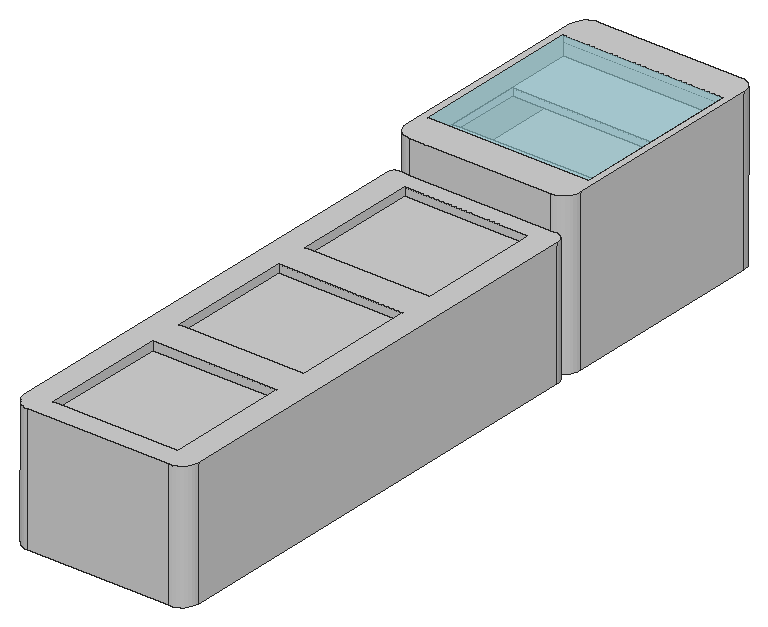
Revit family "Building-IEC309Boards-GEWISS-68QDIN-DISTRIBUTION-BOARD-5MOD_3SOCKET-OUTLETS", category Apparecchi elettrici, host Superficie, Revit 2019
Family settings
  Host = Superficie
  Mantenere orientamento annotazione = Sì
  Quota connettore circolare = Usa diametro
  Tipo di parte = Normale
  Taglio con vuoti quando caricato = No
  Condiviso = No
  Punto di calcolo locali = Sì
Parameters (values of type "GW68001N - Q-DIN 5M 3 FLANGES S.O.16A IP65")
  visibilita posizionamento 2d [instance] = yes
  simbolo 2d [instance] = yes
  oggetto in pianta [instance] = not(visibilita posizionamento 2d)  # no
  distanza_simbolo [instance] = 0.1 mm
  bordo acceso [instance] = yes
  Visibilità sportello [instance] = yes
  Version type = "Empty"
  Version file RFA = "21.5"
  VETRO = Vetro
  URL = "https://www.gewiss.com/ww/en"
  Thermo-pressure with ball = "70 °C"
  Technical sheet = "https://www.gewiss.com/ww/en/search?q=GW68001N"
  Spostamento_effettivo_S [instance] = 4000 mm - Spostamento_S  # 3000 mm
  Spostamento_S = 1000 mm
  Simbolo_quadro [instance] = not(simbolo 2d)  # no
  Shock resistance = "IK08"
  STRUTTURA ALTA = Poche
  STRUTTURA = RAL - 7035
  SEO = "Board"
  Realized by GEWISS S.p.A. = ""
  Default Elevation = 1219.2 mm
  Produttore = "GEWISS S.p.A."
  PRESA = rosso
  POMELLO = bianco
  Operating temperature: = "-25 +40 °C"
  No. of provided blank lids = "1 IEC 16A"
  No. of modules EN 50022 = "5"
  N_moduli = 5 mm
  Modello = "GW68001N"
  L_Moduli = N_moduli * 19  # 95 mm
  Insulation class = "II"
  Installation type = "Surface-mounting"
  Immagine tipo = GW68001N.jpg
  IP degree = "IP65"
  IDT = "db24ad3b-8d9a-41f1-941c-4a59ae982559"
  IDF = "a7ac7b5e-c05e-4f3f-a45f-798d55e6ef8a"
  Houseable socket = "3 IEC 309 16A IP44/67"
  Glow Wire Test = "650°C"
  Electrocod = "2242"
  EAN code = "8011564744721"
  Dispersible power B (W) = "37"
  Dispersible power A (W) = "10"
  Descrizione = "Q-DIN 5M 3 FLANGES S.O.16A IP65"
  Colour = "Grey RAL 7035"
  Catalogue Range = "68 QDIN"
  Catalogue = "BUILDING"
  COBie.Tagnumber = ""
  COBie.CreatedOn = ""
  COBie.CreatebBy = ""
  COBie.ComponentRegisterItemID = ""
  COBie.Component.TagNumber = ""
  COBie.Component.Space = ""
  COBie.Component.SerialNumber = ""
  COBie.Component.InstallationDate = ""
  COBie.Component.Description = ""
  COBie.Component.BarCode = ""
  Accordance with Standards = "EN 60208 - EN 60670-1 - IEC 60670-24"
Reference planes
  plane 1 "Centro (Fronte/Retro)": y = 0
  plane 2: z = 0
  plane 3 "Centro (Sinistra/Destra)": x = 0
  plane 4: x = -3000
  plane 5: x = 0
Forms (mm)
  Extrusion 1, solid, material "RAL - 7035" <- "STRUTTURA", detail levels coarse
    sketch origin (0, 0, 0) x (0, 1, 0) y (0, 0, 1)
      loop
        line (0, 96) -> (0, 0) -> (430.5, 0) -> (430.5, 96) -> (0, 96)
    from -52.5 to 52.5
Lines and regions (mm)
  Masking region 1, visible <- "visibilita posizionamento 2d"
    outline origin (0, 0, 0) x (1, 0, 0) y (0, 0, 1)
      loop
        line (-52.5, 0) -> (52.5, 0) -> (52.5, 96) -> (-52.5, 96) -> (-52.5, 0)
Dimensions and locks
  plane 4 to plane 3 "Centro (Sinistra/Destra)" = 3000 mm
  "Spostamento_effettivo_S": plane 4 to plane 5
  aligned and locked: plane 2 to host face
  aligned and locked: level to host face
  aligned and locked: nested 1 to plane 5
  aligned and locked: nested 3 to plane 5
  aligned and locked: Extrusion 1 sketch curve to nested 2
  aligned and locked: nested 2 to plane 5
  aligned and locked: plane 1 "Centro (Fronte/Retro)" to nested 2
  aligned and locked: Extrusion 1 to nested 2
Automatic sketch dimensions
  host sketch curve to host sketch curve = 2438.4 mm  (x2)
  Extrusion 1 sketch curve to level = 0 mm
  Extrusion 1 sketch curve to plane 1 "Centro (Fronte/Retro)" = 0 mm
  Extrusion 1 sketch curve to plane 1 "Centro (Fronte/Retro)" = 430.5 mm
  Masking region 1 sketch curve to level = 0 mm
  Masking region 1 sketch curve to plane 3 "Centro (Sinistra/Destra)" = 52.5 mm
  plane 3 "Centro (Sinistra/Destra)" to Masking region 1 sketch curve = 52.5 mm
  Masking region 1 sketch curve to Masking region 1 sketch curve = 96 mm
Nested families
  nested 1: "CENTRALINO" at (0, 737.795, 0), BORDO ACCESO <- "bordo acceso", SIMBOLO ACCESO <- "simbolo 2d", Distanza dal muro <- "distanza_simbolo", visible <- "simbolo 2d", type "CENTRALINO"
    with SIMBOLO ACCESO yes, Distanza dal muro 0.1 mm, BORDO ACCESO yes
  nested 2: "base_68QDIN5 QUADRO DISTRIBUZ X 3 PRESE IND" at (0, 287.5, 0), type "base_68QDIN5 QUADRO DISTRIBUZ X 3 PRESE IND", detail levels medium+fine
  nested 3: "simb_CENTRALINO_BASE_cad pro" at (0, 737.795, 0), Distanza dal muro <- "distanza_simbolo", visible <- "Simbolo_quadro", SIMBOLO ACCESO <- "Simbolo_quadro", type "simb_CENTRALINO_BASE_cad pro"
    with SIMBOLO ACCESO no, Distanza dal muro 0.1 mm, BORDO ACCESO yes
Definition of nested family "base_68QDIN5 QUADRO DISTRIBUZ X 3 PRESE IND"
  Parameters (values of type "base_68QDIN5 QUADRO DISTRIBUZ X 3 PRESE IND")
    raggio prese = 25 mm
    n_moduli = 5 mm  # constant formula
    h_moduli = 45 mm  # constant formula
    Vetro = none
    Struttura = none
    Spessore = 96 mm
    Default Elevation = 14 mm
    Presa = none
    Lunghezza = 105 mm
    Larghezza = 105 mm
    L_moduli = n_moduli * 19  # 95 mm
    IFC.TypeObject = ""
    IFC.ExportType = ""
    IFC.ExportAs = ""
    H_da terra = 589.057 mm
    COBie.CreatedOn = ""
    COBie.CreatebBy = ""
    COBie.ComponentRegisterItemID = ""
    COBie.Component.TagNumber = ""
    COBie.Component.Space = ""
    COBie.Component.SerialNumber = ""
    COBie.Component.InstallationDate = ""
    COBie.Component.Description = ""
    COBie.Component.BarCode = ""
    Altezza scatole = 350 mm
    Altezza quadro = 150 mm
    Altezza = 258 mm
  Reference planes
    plane 1 "Centro (Fronte/Retro)": y = 0
    plane 2: z = 0
    plane 3 "Centro (Sinistra/Destra)": x = 0
    plane 4: z = 62.089
    plane 5: z = 103.126
    plane 6: z = 76.196
    plane 7: x = -52.5
    plane 8: x = 52.5
    plane 9: x = -48.5
    plane 10: x = 48.5
    plane 11: y = 123.21
    plane 12: y = 21.246
    plane 13: y = 0
    plane 14: y = -105
    plane 15: y = -180
    plane 16: y = -85
    plane 17: y = -10
    plane 18: y = -287.5
    plane 19: y = 143
    plane 20: z = 71.196
    plane 21: y = 84
    plane 22: y = 39
    plane 23: x = -47.5
    plane 24: x = 47.5
    plane 25: z = 92.059
    plane 26: z = 96
    plane 27 "posizionamento moduli": z = 84.734
    plane 28: z = 80.558
    plane 29: y = 61.5
    plane 30: y = -200
    plane 31: y = -275
    plane 32: y = -237.5
    plane 33: y = -47.5
    plane 34: y = -142.5
    plane 35: z = 67.987
  Forms (mm)
    Extrusion 1, solid, material <- "Struttura"
      sketch origin (0, -857.311, 0) x (1, 0, 0) y (0, 1, 0)
        loop
          arc (-42.5, 1000.311) -> (-49.571, 997.382) -> (-52.5, 990.311) r 10
          line (-52.5, 990.311) -> (-52.5, 867.311)
          arc (-52.5, 867.311) -> (-49.571, 860.24) -> (-42.5, 857.311) r 10
          line (-42.5, 857.311) -> (42.5, 857.311)
          arc (42.5, 857.311) -> (49.571, 860.24) -> (52.5, 867.311) r 10
          line (52.5, 867.311) -> (52.5, 990.311)
          arc (52.5, 990.311) -> (49.571, 997.382) -> (42.5, 1000.311) r 10
          line (42.5, 1000.311) -> (-42.5, 1000.311)
      from 0 to 96
    Extrusion 2, solid, material <- "Struttura"
      sketch origin (0, -857.311, 0) x (1, 0, 0) y (0, 1, 0)
        loop
          line (44.95, 857.311) -> (-48.88, 857.311)
          arc (-48.88, 857.311) -> (-51.44, 856.251) -> (-52.5, 853.691) r 3.62
          line (-52.5, 853.691) -> (-52.5, 579.811)
          arc (-52.5, 579.811) -> (-49.571, 572.74) -> (-42.5, 569.811) r 10
          line (-42.5, 569.811) -> (42.5, 569.811)
          arc (42.5, 569.811) -> (49.571, 572.74) -> (52.5, 579.811) r 10
          line (52.5, 579.811) -> (52.5, 849.76)
          arc (52.5, 849.76) -> (50.289, 855.099) -> (44.95, 857.311) r 7.55
      from 0 to 76.196
    Extrusion 3, void
      sketch origin (0, -857.311, 0) x (1, 0, 0) y (0, 1, 0)
        loop
          line (-48.5, 980.52) -> (-48.5, 878.557) -> (48.5, 878.557) -> (48.5, 980.52) -> (-48.5, 980.52)
      from 62.089 to 96
    Extrusion 4, solid, material <- "Vetro", detail levels fine
      sketch origin (0, -857.311, 0) x (1, 0, 0) y (0, 1, 0)
        loop
          line (-48.5, 980.52) -> (-48.5, 878.557) -> (48.5, 878.557) -> (48.5, 980.52) -> (-48.5, 980.52)
      from 92.059 to 96
    Extrusion 5, void
      sketch origin (0, -857.311, 0) x (1, 0, 0) y (0, 1, 0)
        loop
          line (-37.506, 847.311) -> (-37.506, 772.311) -> (37.506, 772.311) -> (37.506, 847.311) -> (-37.506, 847.311)
      from 71.196 to 76.196
    Extrusion 6, void
      sketch origin (0, -992.311, 0) x (1, 0, 0) y (0, 1, 0)
        loop
          line (-37.506, 887.311) -> (-37.506, 812.311) -> (37.506, 812.311) -> (37.506, 887.311) -> (-37.506, 887.311)
      from 71.196 to 76.196
    Extrusion 7, void
      sketch origin (0, 0, 0) x (1, 0, 0) y (0, 1, 0)
        loop
          line (-47.5, 39) -> (47.5, 39) -> (47.5, 84) -> (-47.5, 84) -> (-47.5, 39)
      from 80.558 to 84.734
    Extrusion 8, solid
      sketch origin (0, 0, 0) x (1, 0, 0) y (0, 1, 0)
        loop
          line (-48.5, 123.21) -> (-48.5, 21.246) -> (48.5, 21.246) -> (48.5, 123.21) -> (-48.5, 123.21)
      from 80.558 to 84.734
    Extrusion 9, void
      sketch origin (0, -1087.311, 0) x (1, 0, 0) y (0, 1, 0)
        loop
          line (-37.506, 887.311) -> (-37.506, 812.311) -> (37.506, 812.311) -> (37.506, 887.311) -> (-37.506, 887.311)
      from 71.196 to 76.196
  Cuts and joins
    Extrusion 3 cuts Extrusion 1
    Extrusion 5, Extrusion 6, Extrusion 9 cuts Extrusion 2
    Extrusion 7 cuts Extrusion 8
    Extrusion 7 cuts Extrusion 4
  Lines and regions (mm)
    model lines
      curve 1: line (-47.5, 61.5, 84.734) -> (47.5, 61.5, 84.734)
  Dimensions and locks
    locked: plane 4 to plane 5 at 41.036
    locked: plane 7 to plane 9 at 4
    locked: plane 10 to plane 8 at 4
    equal spacing: plane 7, plane 3 "Centro (Sinistra/Destra)", plane 8
    "Larghezza": plane 7 to plane 8
    plane 13 to plane 17 = 10 mm
    locked: plane 16 to plane 14 at 20
    plane 17 to plane 16 = 75 mm
    plane 14 to plane 15 = 75 mm
    plane 1 "Centro (Fronte/Retro)" to plane 19 = 143 mm
    plane 18 to plane 13 = 287.5 mm
    plane 12 to plane 1 "Centro (Fronte/Retro)" = 21.246 mm
    plane 11 to plane 19 = 19.79 mm
    locked: plane 6 to plane 20 at 5
    locked: plane 19 to plane 21 at 59
    "h_moduli": plane 21 to plane 22
    equal spacing: plane 23, plane 3 "Centro (Sinistra/Destra)", plane 24
    "L_moduli": plane 23 to plane 24
    locked: plane 26 to plane 25 at 3.941
    plane 6 to plane 2 = 76.196 mm
    locked: plane 25 to plane 27 "posizionamento moduli" at 7.325
    locked: plane 27 "posizionamento moduli" to plane 28 at 4.176
    equal spacing: plane 21, plane 29, plane 22
    locked: plane 15 to plane 30 at 20
    locked: plane 30 to plane 31 at 75
    locked: plane 20 to plane 35 at 3.209
    radius of Extrusion 2 sketch curve = 10 mm  (x2)
    radius of Extrusion 2 sketch curve = 3.62 mm
    radius of Extrusion 2 sketch curve = 7.55 mm
    radius of Extrusion 1 sketch curve = 10 mm  (x4)
    aligned and locked: level to plane 2
    aligned and locked: cut or joined group of Extrusion 1, Extrusion 3 to plane 4  (x2)
    aligned and locked: Extrusion 2 to plane 6
    aligned and locked: plane 7 to Extrusion 2 sketch curve
    aligned and locked: plane 8 to Extrusion 2 sketch curve
    aligned and locked: plane 8 to Extrusion 1 sketch curve
    aligned and locked: plane 7 to Extrusion 1 sketch curve
    aligned and locked: Extrusion 4 sketch curve to plane 9
    aligned and locked: Extrusion 4 sketch curve to plane 10
    aligned and locked: Extrusion 3 sketch curve to plane 9
    aligned and locked: Extrusion 3 sketch curve to plane 10
    aligned and locked: Extrusion 4 sketch curve to plane 11
    aligned and locked: plane 12 to Extrusion 4 sketch curve
    aligned and locked: Extrusion 3 sketch curve to plane 11
    aligned and locked: plane 12 to Extrusion 3 sketch curve
    aligned and locked: plane 13 to Extrusion 1 sketch curve
    aligned and locked: Extrusion 2 sketch curve to plane 13
    aligned and locked: plane 18 to Extrusion 2 sketch curve
    aligned and locked: Extrusion 5 to plane 16
    aligned and locked: plane 17 to Extrusion 5
    aligned and locked: plane 14 to Extrusion 6
    aligned and locked: plane 1 "Centro (Fronte/Retro)" to plane 13
    aligned and locked: plane 19 to Extrusion 1 sketch curve
    aligned and locked: Extrusion 6 to plane 15
    aligned and locked: Extrusion 6 to plane 20
    aligned and locked: Extrusion 6 to plane 6
    aligned and locked: Extrusion 5 to plane 20
    aligned and locked: Extrusion 5 to plane 6
    aligned and locked: Extrusion 7 sketch curve to plane 23
    aligned and locked: Extrusion 7 sketch curve to plane 21
    aligned and locked: Extrusion 7 sketch curve to plane 22
    aligned and locked: Extrusion 7 sketch curve to plane 24
    aligned and locked: plane 26 to cut or joined group of Extrusion 1, Extrusion 3
    aligned and locked: plane 27 "posizionamento moduli" to Extrusion 7
    aligned and locked: Extrusion 7 to plane 28
    aligned and locked: Extrusion 8 sketch curve to plane 11
    aligned and locked: Extrusion 8 sketch curve to plane 12
    aligned and locked: Extrusion 8 to plane 28
    aligned and locked: plane 27 "posizionamento moduli" to Extrusion 8
    aligned and locked: Extrusion 8 sketch curve to Extrusion 4  (x2)
    aligned and locked: plane 29 to curve 1
    aligned and locked: cut or joined group of Extrusion 2, Extrusion 5, Extrusion 6, Extrusion 9 to plane 20
  Automatic sketch dimensions
    Extrusion 5 sketch curve to plane 16 = 0 mm
    Extrusion 5 sketch curve to plane 17 = 0 mm
    Extrusion 5 sketch curve to plane 9 = 10.994 mm
    plane 10 to Extrusion 5 sketch curve = 10.994 mm
    Extrusion 6 sketch curve to plane 15 = 0 mm
    Extrusion 6 sketch curve to plane 14 = 0 mm
    Extrusion 6 sketch curve to plane 9 = 10.994 mm
    plane 10 to Extrusion 6 sketch curve = 10.994 mm
    Extrusion 9 sketch curve to plane 31 = 0 mm
    Extrusion 9 sketch curve to plane 30 = 0 mm
    Extrusion 9 sketch curve to plane 9 = 10.994 mm
    plane 10 to Extrusion 9 sketch curve = 10.994 mm
    curve 1 to plane 23 = 0 mm
    curve 1 to plane 24 = 0 mm
Definition of nested family "CENTRALINO"
  Parameters (values of type "CENTRALINO")
    SIMBOLO ACCESO [instance] = yes
    Distanza dal muro [instance] = 0 mm
    BORDO ACCESO [instance] = yes
  Reference planes
    plane 1: y = 0
    plane 2: x = 0
  Dimensions and locks
    "Distanza dal muro": plane 1 to nested 1
    aligned and locked: plane 2 to nested 1
  Nested families
    nested 1: "CENTRALINO_BASE" at (0, 0, 0), BORDO ACCESO <- "BORDO ACCESO", visible <- "SIMBOLO ACCESO", type "CENTRALINO"
      with BORDO ACCESO yes
  Definition of nested family "CENTRALINO_BASE"
    Parameters (values of type "CENTRALINO")
      Distanza dal muro = 0 mm
      BORDO ACCESO [instance] = yes
    Reference planes
      plane 1: y = 0
      plane 2: x = 0
    Lines and regions (mm)
      detail lines, visible <- "BORDO ACCESO", not visible
        curve 1: line (-2.443, 10.208, 0) -> (2.057, 10.208, 0)
        curve 2: line (2.057, 10.208, 0) -> (2.057, 4.208, 0)
        curve 3: line (2.057, 4.208, 0) -> (-2.443, 4.208, 0)
        curve 4: line (-2.443, 4.208, 0) -> (-2.443, 10.208, 0)
        curve 5: line (-2.043, 9.808, 0) -> (1.657, 9.808, 0)
        curve 6: line (1.657, 9.808, 0) -> (1.657, 4.608, 0)
        curve 7: line (1.657, 4.608, 0) -> (-2.043, 4.608, 0)
        curve 8: line (-2.043, 4.608, 0) -> (-2.043, 9.808, 0)
      detail lines
        curve 9: line (0, 0.671, 0) -> (0, 0, 0)
        curve 10: line (0.659, 0.671, 0) -> (0.659, 1.33, 0)
        curve 11: line (0.659, 1.33, 0) -> (-0.659, 1.33, 0)
        curve 12: line (-0.659, 1.33, 0) -> (-0.659, 0.671, 0)
        curve 13: line (-0.659, 0.671, 0) -> (0.659, 0.671, 0)
        curve 14: line (0.497, 1.33, 0) -> (0.497, 2, 0)
        curve 15: line (0.167, 1.33, 0) -> (0.167, 2, 0)
        curve 16: line (-0.162, 1.33, 0) -> (-0.162, 2, 0)
        curve 17: line (-0.491, 1.33, 0) -> (-0.491, 2, 0)
Definition of nested family "simb_CENTRALINO_BASE_cad pro"
  Parameters (values of type "simb_CENTRALINO_BASE_cad pro")
    SIMBOLO ACCESO [instance] = yes
    Distanza dal muro [instance] = 0 mm
    BORDO ACCESO [instance] = yes
  Reference planes
    plane 1: y = 0
    plane 2: x = 0
  Dimensions and locks
    "Distanza dal muro": plane 1 to nested 1
    aligned and locked: plane 2 to nested 1
  Nested families
    nested 1: "CENTRALINO_BASE_cad pro" at (0, 0, 0), type "CENTRALINO"
  Definition of nested family "CENTRALINO_BASE_cad pro"
    Parameters (values of type "CENTRALINO")
      Distanza dal muro = 0 mm
    Reference planes
      plane 1: y = 0
      plane 2: x = 0
    Lines and regions (mm)
      detail lines
        curve 1: line (1.33, 1.33, 0) -> (2.109, 1.33, 0)
        curve 2: line (2.109, 1.33, 0) -> (2.109, 0, 0)
        curve 3: line (2.109, 0, 0) -> (1.33, 0, 0)
        curve 4: line (1.33, 0, 0) -> (-1.33, 1.33, 0)
        curve 5: line (-1.33, 1.33, 0) -> (1.33, 1.33, 0)
        curve 6: line (1.33, 1.33, 0) -> (1.33, 0, 0)
        curve 7: line (1.33, 0, 0) -> (-1.33, 0, 0)
        curve 8: line (-1.33, 0, 0) -> (-1.33, 1.33, 0)
        curve 9: line (1.461, 0.665, 0) -> (1.977, 0.665, 0)
        curve 10: line (1.719, 0.665, 0) -> (1.719, 1.01, 0)
        curve 11: arc (1.977, 0.406, 0) -> (1.719, 0.665, 0) -> (1.461, 0.406, 0) r 0.258
